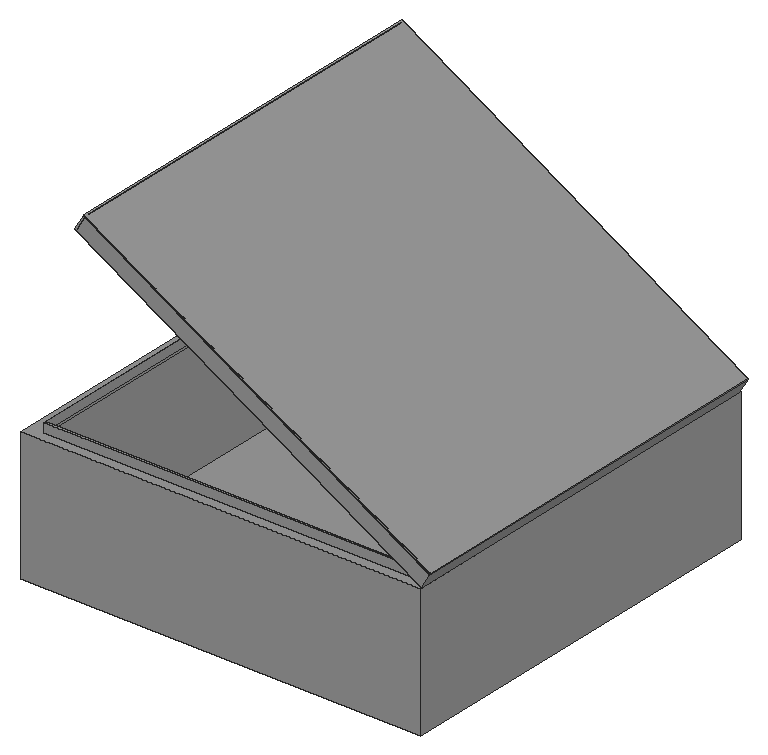
Revit family "Hager-Orion_Inox-IP66-D150-Cl.I-Inox_encl-630A-400mm-CH-de", category Electrical Equipment, host Face, Revit 2020
Family settings
  Host = Face
  Panel Configuration = Two Columns, Circuits Across
  Round Connector Dimension = Use Diameter
  Part Type = Panelboard
  Cut with Voids When Loaded = No
  Shared = No
  Room Calculation Point = No
Parameters (values of type "Aufputz IP66 B400 H400 T150  - FL014BWL")
  Width Control [instance] = if([EF000008 - Breite] > Min Width, [EF000008 - Breite], Min Width)  # 400 mm
  Type Comments = [HG000003 - Bereich]  # "Orion Inox"
  Thickness Door [instance] = if([EF009171 - Materialstärke Tür/Deckel] > 3 mm, 3 mm, [EF009171 - Materialstärke Tür/Deckel])  # 1.5 mm
  Seal Frame Offset [instance] = 17 mm  # constant formula
  Model = ""
  Min Width [instance] = 100 mm  # constant formula
  Min Height [instance] = 100 mm  # constant formula
  Min Depth [instance] = (2 * [EF009170 - Materialstärke Gehäuse]) + 1 mm  # 4 mm
  Internal Frame Depth [instance] = (Door System Depth * 0.5)  # 9 mm
  Height Control [instance] = if([EF000040 - Höhe] > Min Height, [EF000040 - Höhe], Min Height)  # 400 mm
  HG000027 - Sockelhöhe = 0 mm
  HG000026 - Stehend auf dem Boden = no
  HG000024 - Höhe des unteren Teils = 800 mm
  HG000023 - Gehäuse mit doppeltem Querschnitt = no
  HG000016 - 3D-Türsichtbarkeit [instance] = yes
  HG000015 - Sichtbarkeit der Türöffnung [instance] = no
  HG000014 - Tür rechts [instance] = yes
  HG000013 - Tür links [instance] = not([HG000014 - Tür rechts])  # no
  HG000012 - Türschwenkwinkel [instance] = 30.00°
  HG000010 - Asymmetrische Türen = no
  HG000009 - Doppelflügeligen Tür = no
  HG000006 - Unterputz = no
  HG000004 - Herstellerreferenz = "FL014BWL"
  HG000003 - Bereich = "Orion Inox"
  HG000002 - Mit tür = yes
  Frame Offset Bottom [instance] = 10 mm  # constant formula
  Frame Offset [instance] = 15 mm  # constant formula
  EF015940 - Deckel mit Überdruckentlastung = no
  EF011959 - Schutzart (NEMA) = ""
  EF009554 - Anzahl der Öffnungen für Flanschplatten = 0
  Manufacturer = "Hager"  # constant formula
  EF009212 - Ausführung Deckel = "EV009916 - mit Ausschnitt"
  EF009171 - Materialstärke Tür/Deckel = 1.5 mm
  EF009170 - Materialstärke Gehäuse = 1.5 mm
  EF008873 - Nennstrom (In) = 630 A
  EF007800 - Geeignet für Blitzschutz = no
  EF006306 - Mit Schloss = no
  EF006244 - Transparenter Deckel/Tür = no
  EF005474 - Schutzart (IP) = "EV006422 - IP66"
  EF004464 - Art der Tür = "EV002646 - Einzel"
  EF004427 - Anzahl der Module = 0
  EF004293 - Schlagfestigkeit = "EV008784 - IK10"
  EF003532 - Geeignet für Außengebrauch = yes
  EF002950 - Breite in Teilungseinheiten = 0
  EF001613 - Funktionserhalt = ""
  EF001596 - Werkstoff des Gehäuses = "EV000166 - rostfreier Stahl"
  EF001131 - Innentiefe = 116 mm
  EF001088 - Anbaumöglichkeit = yes
  EF000437 - Anzahl der Leitungseinführungen = 0
  EF000339 - Art der Abdeckung = "EV004216 - Tür"
  EF000266 - Anzahl der Reihen = 0
  EF000218 - Einbautiefe = 0 mm
  EF000118 - Mit Montageplatte = no
  EF000116 - RAL-Nummer = ""
  EF000049 - Tiefe = 150 mm
  EF000040 - Höhe = 400 mm
  EF000008 - Breite = 400 mm
  EF000007 - Farbe = "EV000154 - sonstige"
  EF000003 - Montageart = "EV000384 - Aufputz"
  Door System Leaf Tolerance [instance] = 1.5 mm  # constant formula
  Door System Depth [instance] = 18 mm  # constant formula
  Depth Control [instance] = if([EF000049 - Tiefe] > Min Depth, [EF000049 - Tiefe], Min Depth)  # 150 mm
  Default Elevation = 0 mm
Types (4, lengths in mm): name | Width Control | HG000004 - Herstellerreferenz | EF009212 - Ausführung Deckel | EF006306 - Mit Schloss | EF006244 - Transparenter Deckel/Tür | EF004293 - Schlagfestigkeit | EF001613 - Funktionserhalt | EF000008 - Breite
  Aufputz IP66 B300 H400 T150  - FL014TW | 300 | "FL014TW" | "EV000116 - geschlossen" | yes | yes | "EV006814 - IK08" | "EV000494 - ohne" | 300
  Aufputz IP66 B300 H400 T150  - FL014TWL | 300 | "FL014TWL" | "EV000116 - geschlossen" | yes | yes | "EV006814 - IK08" | "EV000494 - ohne" | 300
  Aufputz IP66 B400 H400 T150  - FL014BW | 400 | "FL014BW" | "EV009916 - mit Ausschnitt" | no | no | "EV008784 - IK10" | "" | 400
  Aufputz IP66 B400 H400 T150  - FL014BWL | 400 | "FL014BWL" | "EV009916 - mit Ausschnitt" | no | no | "EV008784 - IK10" | "" | 400
Reference planes
  plane 1 "Center (Front/Back)": y = 0
  plane 2: z = 0
  plane 3 "Center (Left/Right)": x = 0
  plane 4: z = 150
  plane 5: y = 1.5
  plane 6: y = 200
  plane 7: y = 0
  plane 8: y = 400
  plane 9: z = 0
  plane 10: x = -185
  plane 11: x = 185
  plane 12: x = 183.5
  plane 13: x = -183.5
  plane 14: y = 398.5
  plane 15: x = -183
  plane 16: x = -200
  plane 17: x = 183
  plane 18: x = 200
  plane 19: x = 198.5
  plane 20: x = -198.5
  plane 21: y = 11.5
  plane 22: y = 400
  plane 23: y = 383.5
  plane 24: z = 132
  plane 25: z = 1.5
  plane 26: z = 130.5
  plane 27: z = 148.5
Forms (mm)
  Extrusion 1, solid, material "Hager_Stainless_Steel", detail levels medium+fine
    sketch origin (0, 0, 0) x (1, 0, 0) y (0, 1, 0)
      loop
        line (-200, 0) -> (200, 0) -> (200, 400) -> (-200, 400) -> (-200, 0)
    from 0 to 132
  Extrusion 2, solid, material "Hager_Steel_RAL 7035_Light_Grey", not visible, detail levels medium+fine
    sketch origin (0, 28.16, 50.802) x (0, 1, 0) y (0, 0, 1)
      loop
        line (223.34, -50.802) -> (223.34, 87.698)
        arc (223.34, 87.698) -> (220.411, 94.769) -> (213.34, 97.698) r 10
        line (213.34, 97.698) -> (183.34, 97.698) -> (183.34, -50.802) -> (223.34, -50.802)
    from -198.5 to 198.5
  Extrusion 3, void
    sketch origin (0, 0, 0) x (1, 0, 0) y (0, 1, 0)
      loop
        line (-198.5, 1.5) -> (198.5, 1.5) -> (198.5, 398.5) -> (-198.5, 398.5) -> (-198.5, 1.5)
    from 1.5 to 130.5
  Extrusion 4, void
    sketch origin (-381.607, -4572, 132) x (0, -1, 0) y (-1, 0, 0)
      loop
        line (-4583.5, -198.107) -> (-4955.5, -198.107) -> (-4955.5, -565.107) -> (-4583.5, -565.107) -> (-4583.5, -198.107)
    from 0 to 1.5 <- "EF009170 - Materialstärke Gehäuse"
  Extrusion 5, solid, material "Hager_Stainless_Steel", detail levels fine
    sketch origin (-381.607, -4572, 132) x (-1, 0, 0) y (0, -1, 0)
      loop
        line (-198.107, -4583.5) -> (-565.107, -4583.5) -> (-565.107, -4955.5) -> (-198.107, -4955.5) -> (-198.107, -4583.5)
      loop
        line (-197.107, -4582) -> (-566.107, -4582) -> (-566.107, -4957) -> (-197.107, -4957) -> (-197.107, -4582)
    from 0 to 9 <- "Internal Frame Depth"
  Extrusion 6, solid, material "Hager_Stainless_Steel", detail levels coarse
    sketch origin (0, 0, 0) x (1, 0, 0) y (0, 1, 0)
      loop
        line (-200, 0) -> (200, 0) -> (200, 400) -> (-200, 400) -> (-200, 0)
    from 0 to 150
Cuts and joins
  Extrusion 3, Extrusion 4 cuts Extrusion 1
Lines and regions (mm)
  Masking region 1
    outline origin (0, 0, 0) x (1, 0, 0) y (0, 0, 1)
      loop
        line (-200, 150) -> (-200, 0) -> (200, 0) -> (200, 150) -> (-200, 150)
  Masking region 2, detail levels medium+fine
    outline origin (0, 140, 0) x (0, 1, 0) y (0, 0, 1)
      loop
        line (-140, 0) -> (260, 0) -> (260, 132) -> (-140, 132) -> (-140, 0)
  Masking region 3, not visible, detail levels medium+fine
    outline origin (0, 297.922, 0) x (0, 1, 0) y (0, 0, 1)
      loop
        line (-86.422, 0) -> (-46.422, 0) -> (-46.422, 138.5)
        arc (-46.422, 138.5) -> (-49.351, 145.571) -> (-56.422, 148.5) r 10
        line (-56.422, 148.5) -> (-86.422, 148.5) -> (-86.422, 0)
  Masking region 4, detail levels coarse
    outline origin (0, 0, 180) x (0, 1, 0) y (0, 0, 1)
      loop
        line (0, -180) -> (400, -180) -> (400, -30) -> (0, -30) -> (0, -180)
  Masking region 5
    outline origin (-381.607, -4572, 132) x (-1, 0, 0) y (0, -1, 0)
      loop
        line (-181.607, -4972) -> (-181.607, -4572) -> (-581.607, -4572) -> (-581.607, -4972) -> (-181.607, -4972)
Dimensions and locks
  "Depth Control": plane 4 to host face
  "EF009170 - Materialstärke Gehäuse": plane 5 to plane 7
  locked: connector elem to plane 3 "Center (Left/Right)"
  equal spacing: plane 8, plane 6, plane 7
  locked: connector elem to plane 6
  "EF009170 - Materialstärke Gehäuse": plane 8 to plane 14
  "EF009170 - Materialstärke Gehäuse": plane 10 to plane 13
  "EF009170 - Materialstärke Gehäuse": plane 12 to plane 11
  "Frame Offset": plane 20 to plane 13
  "Frame Offset": plane 12 to plane 19
  "EF009170 - Materialstärke Gehäuse": plane 16 to plane 20
  "EF009170 - Materialstärke Gehäuse": plane 19 to plane 18
  "Seal Frame Offset": plane 16 to plane 15
  "Seal Frame Offset": plane 17 to plane 18
  "Frame Offset Bottom": plane 21 to plane 5
  "Frame Offset": plane 14 to plane 23
  equal spacing: plane 16, plane 3 "Center (Left/Right)", plane 18
  "Width Control": plane 16 to plane 18
  "EF009170 - Materialstärke Gehäuse": plane 4 to plane 27
  "EF009170 - Materialstärke Gehäuse": plane 24 to plane 26
  "EF009170 - Materialstärke Gehäuse": plane 25 to level
  "Door System Depth": plane 4 to plane 24
  "Height Control": plane 1 "Center (Front/Back)" to Extrusion 6 sketch curve
  "Height Control": Masking region 4 sketch curve to plane 1 "Center (Front/Back)"
  "Thickness Door": Extrusion 5 sketch curve to plane 15
  "Thickness Door": plane 21 to Extrusion 5 sketch curve
  "Thickness Door": plane 17 to Extrusion 5 sketch curve
  "Thickness Door": Extrusion 5 sketch curve to plane 23
  "Height Control": plane 1 "Center (Front/Back)" to plane 22
  radius of Masking region 3 sketch curve = 10 mm
  radius of Extrusion 2 sketch curve = 10 mm
  aligned and locked: plane 2 to host face
  aligned and locked: level to host face
  aligned and locked: level to Masking region 1 sketch curve
  aligned and locked: Masking region 1 sketch curve to plane 18
  aligned and locked: Masking region 1 sketch curve to plane 16
  aligned and locked: plane 7 to Masking region 2 sketch curve
  aligned and locked: level to Masking region 3 sketch curve
  aligned and locked: Masking region 3 sketch curve to plane 27
  aligned and locked: level to Masking region 2 sketch curve
  aligned and locked: Extrusion 1 sketch curve to plane 7
  aligned and locked: plane 16 to Extrusion 1 sketch curve
  aligned and locked: plane 18 to Extrusion 1 sketch curve
  aligned and locked: Extrusion 2 sketch curve to level
  aligned and locked: plane 27 to Extrusion 2 sketch curve
  aligned and locked: plane 20 to Extrusion 2
  aligned and locked: plane 19 to Extrusion 2
  aligned and locked: plane 20 to Extrusion 3 sketch curve
  aligned and locked: plane 19 to Extrusion 3 sketch curve
  aligned and locked: Extrusion 3 sketch curve to plane 5
  aligned and locked: Extrusion 3 to plane 25
  aligned and locked: plane 26 to Extrusion 3
  aligned and locked: plane 24 to Extrusion 1
  aligned and locked: plane 21 to Extrusion 4 sketch curve
  aligned and locked: Extrusion 4 sketch curve to plane 13
  aligned and locked: Extrusion 4 sketch curve to plane 12
  aligned and locked: plane 18 to Extrusion 6 sketch curve
  aligned and locked: plane 1 "Center (Front/Back)" to Extrusion 6 sketch curve
  aligned and locked: plane 16 to Extrusion 6 sketch curve
  aligned and locked: plane 4 to Extrusion 6
  aligned and locked: Extrusion 6 to level
  aligned and locked: level to Masking region 4 sketch curve
  aligned and locked: Masking region 4 sketch curve to plane 1 "Center (Front/Back)"
  aligned and locked: Masking region 4 sketch curve to plane 4
  aligned and locked: nested 1 to level
  aligned and locked: nested 1 to plane 16
  aligned and locked: plane 8 to Extrusion 1 sketch curve
  aligned and locked: plane 23 to Extrusion 4 sketch curve
  aligned and locked: plane 14 to Extrusion 3 sketch curve
  aligned and locked: Extrusion 5 sketch curve to plane 21
  aligned and locked: plane 13 to Extrusion 5 sketch curve
  aligned and locked: plane 23 to Extrusion 5 sketch curve
  aligned and locked: plane 12 to Extrusion 5 sketch curve
  aligned and locked: Masking region 2 sketch curve to plane 8
  aligned and locked: Masking region 2 sketch curve to plane 24
  aligned and locked: nested 2 to plane 3 "Center (Left/Right)"
  aligned and locked: nested 2 to plane 24
  aligned and locked: Masking region 5 sketch curve to plane 1 "Center (Front/Back)"
  aligned and locked: Masking region 5 sketch curve to plane 18
  aligned and locked: Masking region 5 sketch curve to plane 22
  aligned and locked: Masking region 5 sketch curve to plane 16
  aligned and locked: plane 8 to plane 22
  aligned and locked: plane 7 to plane 1 "Center (Front/Back)"
  aligned and locked: nested 2 to plane 1 "Center (Front/Back)"
Automatic sketch dimensions
  host sketch curve to host sketch curve = 1469.727 mm
  host sketch curve to host sketch curve = 2116.445 mm
  plane 6 to Masking region 3 sketch curve = 11.5 mm
  Masking region 3 sketch curve to Masking region 3 sketch curve = 30 mm
  plane 6 to Extrusion 2 sketch curve = 11.5 mm
  Extrusion 2 sketch curve to Extrusion 2 sketch curve = 30 mm
  Masking region 1 sketch curve to plane 4 = 0 mm
Nested families
  nested 1: "Hager_Enclosure_Symbol" at (-200, 0, 0) x (1, 0, 0) z (0, -1, 0), Height <- "Depth Control", Width <- "Width Control", type "Hager_Enclosure_Symbol"
    with Width_Ctrl 400 mm, Width 400 mm, Height_Ctrl 150 mm, Height 150 mm, A_Width_Int 9.844 mm, A_Width 118.125 mm, A_Height_Ctrl 131.25 mm, A_Height 131.25 mm
  nested 2: "EC000058_OrionInox_Door" at (0, 400, 132) x (1, 0, 0) z (0, -1, 0), Leaf_Tolerance <- "Door System Leaf Tolerance", Angle <- "HG000012 - Türschwenkwinkel", Door_Depth <- "Door System Depth", Door_Left <- "HG000013 - Tür links", Transparent <- "EF006244 - Transparenter Deckel/Tür", Assymetrical <- "HG000010 - Asymmetrische Türen", Width <- "Width Control", Clearance <- "HG000015 - Sichtbarkeit der Türöffnung", Double <- "HG000009 - Doppelflügeligen Tür", 3d_Door <- "HG000016 - 3D-Türsichtbarkeit", Width_Ctrl <- "Width Control", Door_Right <- "HG000014 - Tür rechts", Door <- "HG000002 - Mit tür", Height <- "Height Control", Thickness <- "Thickness Door", type "EC000058_OrionInox_Door", detail levels medium+fine
    with min_wh 4 mm, Width_Ctrl 400 mm, Width 400 mm, Transparent no, Thickness 1.5 mm, Seal_Material Hager_Rubber, Leaf_Width 400 mm, Leaf_Tolerance_External_Sides 0 mm, Leaf_Tolerance 1.5 mm, Leaf_Offset 0 mm, Leaf_Height 397 mm, Leaf_2_Width 400 mm, Leaf_2_Offset 200 mm, Leaf_1_Width 400 mm, Leaf_1_Offset 200 mm, Height_Ctrl 400 mm, Height 400 mm, Glass_Material Hager_Glass, Double_Clearance_Ctrl no, Double no, Door_Right_Ctrl yes, Door_Right yes, Door_Material Hager_Stainless_Steel, Door_Left_Ctrl no, Door_Left no, Door_Depth 18 mm, Door yes, Clearance_Material Hager_Clearance, Clearance_Depth 400 mm, Clearance_Ctrl no, Clearance no, Assymetrical no, Angle 30.00°, 3d_Door yes
Connectors
  electrical at (0, 200, 0)
    settings: on plane 9, index 1, voltage 0 V, apparent load 0 VA, apparent load phase1 0 VA, apparent load phase2 0 VA, apparent load phase3 0 VA, power factor 1, load classification "Other", number of poles 1, system type 30, power factor state 1, is connector primary yes, connector utility no, sub classification motor no, connector description ""
Definition of nested family "EC000058_OrionInox_Door"
  Parameters (values of type "EC000058_OrionInox_Door")
    min_wh [instance] = (2 * Thickness) + 1 mm  # 11 mm
    Width_Ctrl [instance] = 400 mm
    Width [instance] = 500 mm
    Transparent [instance] = yes
    Thickness [instance] = 5 mm
    Seal_Material [instance] = none
    Leaf_Width [instance] = if((Width_Ctrl - 2 * Leaf_Tolerance_External_Sides) > 0 mm, (Width_Ctrl - 2 * Leaf_Tolerance_External_Sides), min_wh)  # 400 mm
    Leaf_Tolerance_External_Sides [instance] = 0 mm  # constant formula
    Leaf_Tolerance [instance] = 1.5 mm
    Leaf_Offset [instance] = 0 mm  # constant formula
    Leaf_Height [instance] = if((Height_Ctrl - 2 * Leaf_Tolerance) > 0 mm, (Height_Ctrl - 2 * Leaf_Tolerance), min_wh)  # 497 mm
    Leaf_2_Width [instance] = if(and(and(Double, Assymetrical), Door_Left), (Leaf_Width / 3) - (Leaf_Tolerance / 2), if(and(and(Double, Assymetrical), Door_Right), (Leaf_Width / 3) * 2 - (Leaf_Tolerance / 2), if(and(Double, not(Assymetrical)), (Leaf_Width / 2) - Leaf_Tolerance, Leaf_Width)))  # 400 mm
    Leaf_2_Offset [instance] = if(and(Double, Assymetrical), Leaf_2_Width / 2, if(and(Double, not(Assymetrical)), Leaf_Width / 4, Leaf_Width / 2))  # 200 mm
    Leaf_1_Width [instance] = if(and(and(Double, Assymetrical), Door_Right), (Leaf_Width / 3) - (Leaf_Tolerance / 2), if(and(and(Double, Assymetrical), Door_Left), (Width / 3) * 2 - (Leaf_Tolerance / 2), if(and(Double, not(Assymetrical)), (Leaf_Width / 2) - Leaf_Tolerance, Leaf_Width)))  # 400 mm
    Leaf_1_Offset [instance] = if(and(Double, Assymetrical), Leaf_1_Width / 2, if(and(Double, not(Assymetrical)), Leaf_Width / 4, Leaf_Width / 2))  # 200 mm
    Height_Ctrl [instance] = if(Height > min_wh, Height, min_wh)  # 500 mm
    Height [instance] = 500 mm
    Glass_Material [instance] = none
    Double_Clearance_Ctrl [instance] = and(Double, Clearance)  # no
    Double [instance] = no
    Door_Right_Ctrl [instance] = and(or(Door_Right, Double), Door)  # yes
    Door_Right [instance] = yes
    Door_Material [instance] = none
    Door_Left_Ctrl [instance] = and(or(Door_Left, Double), Door)  # no
    Door_Left [instance] = no
    Door_Depth [instance] = 30 mm
    Door [instance] = yes
    Default Elevation = 1219.2 mm
    Clearance_Material [instance] = none
    Clearance_Depth [instance] = if(Leaf_1_Width > Leaf_2_Width, Leaf_1_Width, Leaf_2_Width)  # 400 mm
    Clearance_Ctrl [instance] = and(not(Double), Clearance)  # yes
    Clearance [instance] = yes
    Assymetrical [instance] = yes
    Angle [instance] = 30.00°
    3d_Door [instance] = yes
  Reference planes
    plane 1 "Center (Front/Back)": y = 0
    plane 2 "Bottom": z = 0
    plane 3 "Center (Left/Right)": x = 0
    plane 4: z = 500
    plane 5: x = -200
    plane 6: x = 200
    plane 7: z = 500
    plane 8: x = -200
    plane 9: z = 0
    plane 10: x = 200
    plane 11: y = 0
    plane 12: z = 1.5
    plane 13: x = -600
    plane 14: y = -400
    plane 15: x = 600
    plane 16: x = 0
    plane 17: x = 0
    plane 18: x = -200
    plane 19: x = 200
    plane 20: z = 498.5
  Forms (mm)
    Extrusion 1, solid, material <- "Clearance_Material", visible <- "Double_Clearance_Ctrl"
      sketch origin (1200, 0, 0) x (1, 0, 0) y (0, 0, -1)
        loop
          line (-1800, -498.5) -> (-600, -498.5) -> (-600, 0) -> (-1800, 0) -> (-1800, -498.5)
      from 0 to -400
  Dimensions and locks
    equal spacing: plane 5, plane 3 "Center (Left/Right)", plane 6
    "Width_Ctrl": plane 5 to plane 6
    "Leaf_Offset": plane 5 to plane 8
    "Leaf_Offset": plane 6 to plane 10
    "Leaf_Offset": plane 9 to level
    "Leaf_Offset": plane 4 to plane 7
    "Height_Ctrl": plane 4 to level
    "Leaf_Tolerance": plane 12 to plane 9
    locked: plane 11 to plane 1 "Center (Front/Back)"
    "Leaf_1_Offset": plane 18 to plane 16
    "Leaf_2_Offset": plane 17 to plane 19
    "Leaf_1_Width": plane 13 to plane 8
    "Leaf_2_Width": plane 10 to plane 15
    "Clearance_Depth": plane 14 to plane 1 "Center (Front/Back)"
    "Leaf_Tolerance_External_Sides": plane 8 to plane 18
    "Leaf_Tolerance_External_Sides": plane 19 to plane 10
    "Leaf_Tolerance": plane 7 to plane 20
    aligned and locked: level to plane 2 "Bottom"
    aligned and locked: nested 1 to plane 16
    aligned and locked: nested 2 to plane 17
    aligned and locked: Extrusion 1 to plane 13
    aligned and locked: plane 15 to Extrusion 1
    aligned and locked: Extrusion 1 to plane 14
    aligned and locked: plane 12 to nested 1
    aligned and locked: nested 2 to plane 12
    aligned and locked: Extrusion 1 to plane 11
    aligned and locked: plane 20 to Extrusion 1
    aligned and locked: nested 2 to plane 11
    aligned and locked: nested 1 to plane 11
  Automatic sketch dimensions
    Extrusion 1 sketch curve to level = 0 mm
    plane 5 to Extrusion 1 sketch curve = 400 mm
    plane 6 to Extrusion 1 sketch curve = 400 mm
    Extrusion 1 sketch curve to plane 4 = 1.5 mm
  Nested families
    nested 1: "EC000058_OrionInox_Door_Leaf" at (0, 0, 1.5), Width <- "Leaf_1_Width", visible <- "Door_Left_Ctrl", Leaf_Height <- "Leaf_Height", Angle <- "Angle", 3d_Door <- "3d_Door", Transparent <- "Transparent", Clearance Material <- "Clearance_Material", Clearance <- "Clearance_Ctrl", Door_Material <- "Door_Material", Glass_Material <- "Glass_Material", Door_Depth <- "Door_Depth", Seal_Material <- "Seal_Material", Thickness <- "Thickness", type "EC000058_OrionInox_Door_Leaf"
      with Width 400 mm, Transparent_Ctrl yes, Transparent yes, Thickness 5 mm, Standard no, Seal_Material none, Seal_D2 8 mm, Seal_D1 1 mm, Offset_Internal_Frame 10 mm, Lock_Width 28 mm, Lock_Thickness 2 mm, Lock_Radius 6 mm, Leaf_Height 497 mm, Internal_Seal_Thickness 8 mm, Internal_Seal_Depth_2 4.5 mm, Internal_Frame_Depth 25 mm, Glass_Thickness -1 mm, Glass_Offset -2 mm, Glass_Material none, Door_Material none, Door_Depth 30 mm, Clearance Material none, Clearance yes, Angle_Ctrl 30.00°, Angle 30.00°, 3d_Door yes
    nested 2: "EC000058_OrionInox_Door_Leaf" at (0, 0, 1.5) x (-1, 0, 0) z (0, 0, 1), Width <- "Leaf_2_Width", visible <- "Door_Right_Ctrl", Leaf_Height <- "Leaf_Height", Angle <- "Angle", 3d_Door <- "3d_Door", Transparent <- "Transparent", Clearance Material <- "Clearance_Material", Clearance <- "Clearance_Ctrl", Door_Material <- "Door_Material", Glass_Material <- "Glass_Material", Door_Depth <- "Door_Depth", Seal_Material <- "Seal_Material", Thickness <- "Thickness", type "EC000058_OrionInox_Door_Leaf"
      with Width 400 mm, Transparent_Ctrl yes, Transparent yes, Thickness 5 mm, Standard no, Seal_Material none, Seal_D2 8 mm, Seal_D1 1 mm, Offset_Internal_Frame 10 mm, Lock_Width 28 mm, Lock_Thickness 2 mm, Lock_Radius 6 mm, Leaf_Height 497 mm, Internal_Seal_Thickness 8 mm, Internal_Seal_Depth_2 4.5 mm, Internal_Frame_Depth 25 mm, Glass_Thickness -1 mm, Glass_Offset -2 mm, Glass_Material none, Door_Material none, Door_Depth 30 mm, Clearance Material none, Clearance yes, Angle_Ctrl 30.00°, Angle 30.00°, 3d_Door yes
  Definition of nested family "EC000058_OrionInox_Door_Leaf"
    Parameters (values of type "EC000058_OrionInox_Door_Leaf")
      Width [instance] = 450 mm
      Transparent_Ctrl [instance] = and(Transparent, [3d_Door])  # yes
      Transparent [instance] = yes
      Thickness [instance] = 5 mm
      Standard [instance] = and(not(Transparent), [3d_Door])  # no
      Seal_Material [instance] = none
      Seal_D2 [instance] = 8 mm  # constant formula
      Seal_D1 [instance] = 1 mm  # constant formula
      Offset_Internal_Frame [instance] = 10 mm  # constant formula
      Lock_Width [instance] = Door_Depth - Lock_Thickness  # 28 mm
      Lock_Thickness [instance] = 2 mm  # constant formula
      Lock_Radius [instance] = 6 mm  # constant formula
      Leaf_Height [instance] = 450 mm
      Internal_Seal_Thickness [instance] = 8 mm  # constant formula
      Internal_Seal_Depth_2 [instance] = 4.5 mm  # constant formula
      Internal_Frame_Depth [instance] = if(Door_Depth - Thickness > 5 mm, Door_Depth - Thickness, 5 mm)  # 25 mm
      Glass_Thickness [instance] = if(Thickness > 15 mm, Glass_Offset + 10 mm, -1 mm)  # -1 mm
      Glass_Offset [instance] = if(Thickness > 15 mm, -(Thickness + 10 mm) / 2, -2 mm)  # -2 mm
      Glass_Material [instance] = none
      Door_Material [instance] = none
      Door_Depth [instance] = 30 mm
      Default Elevation = 0 mm
      Clearance Material [instance] = none
      Clearance [instance] = yes
      Angle_Ctrl [instance] = if(Angle > 180.00°, 180.00°, Angle)  # 90.00°
      Angle [instance] = 90.00°
      3d_Door [instance] = yes
    Reference planes
      plane 1 "Center (Front/Back)": y = 0
      plane 2: z = 0
      plane 3 "Center (Left/Right)": x = 0
      plane 4: y = 450
      plane 5: x = -225
      plane 6: x = 225
      plane 7: x = -675
      plane 8: z = 450
      plane 9: z = 30
      plane 10: z = 420
      plane 11: x = 195
      plane 12: x = -195
      plane 13: y = -3
      plane 14: z = 107.833
      plane 15: y = -5
      plane 16: y = -223.314
      plane 17: x = -225
      plane 18: y = 30
    Forms (mm)
      Extrusion 1, solid, material <- "Clearance Material", visible <- "Clearance"
        sketch origin (0, 0, 0) x (1, 0, 0) y (0, 0, 1)
          loop
            line (-675, 450) -> (-675, 0) -> (225, 0) -> (225, 450) -> (-675, 450)
        from 0 to -450
      Extrusion 2, solid, material <- "Door_Material", visible <- "Standard", detail levels medium+fine
        sketch origin (-225, 0, 0) x (0, 1, 0) y (-1, 0, 0)
          loop
            line (0, 30) -> (0, 25) -> (450, 25) -> (450, 30) -> (0, 30)
        from 0 to 450 <- "Leaf_Height"
      Extrusion 3, solid, material <- "Door_Material", visible <- "Transparent_Ctrl", detail levels medium+fine
        sketch origin (-225, 0, 0) x (0, 1, 0) y (-1, 0, 0)
          loop
            line (0, 25) -> (450, 25) -> (450, 30) -> (0, 30) -> (0, 25)
        from 0 to 450 <- "Leaf_Height"
      Extrusion 4, void
        sketch origin (-250, 450, 0) x (0, 1, 0) y (0, 0, -1)
          loop
            line (-30, -420) -> (-30, -30) -> (-420, -30) -> (-420, -420) -> (-30, -420)
        from 0 to 5 <- "Thickness"
      Sweep 5, solid, material <- "Seal_Material", visible <- "Transparent_Ctrl", detail levels fine
        path in 3D
          loop
            line (-250, 30, 30) -> (-250, 30, 420) -> (-250, 420, 420) -> (-250, 420, 30) -> (-250, 30, 30)
        profile origin (-250, 225, 30) x (1, 0, 0) y (0, 0, 1)
          loop
            line (0, 0) -> (0, -8) -> (1, -8) -> (1, 0) -> (0, 0)
      Extrusion 6, solid, material <- "Glass_Material", visible <- "Transparent_Ctrl", detail levels medium+fine
        sketch origin (-255, 0, 0) x (0, 1, 0) y (0, 0, -1)
          loop
            line (420, -420) -> (420, -30) -> (30, -30) -> (30, -420) -> (420, -420)
        from -2 <- "Glass_Offset" to -1 <- "Glass_Thickness"
      Extrusion 7, solid, material <- "Door_Material", visible <- "3d_Door", detail levels medium+fine
        sketch origin (-250, 450, 0) x (0, -1, 0) y (0, 0, -1)
          loop
            line (0, -450) -> (450, -450) -> (450, 0) -> (0, 0) -> (0, -450)
          loop
            line (445, -5) -> (5, -5) -> (5, -445) -> (445, -445) -> (445, -5)
        from 0 to 25 <- "Internal_Frame_Depth"
      Sweep 8, solid, material <- "Seal_Material", visible <- "Transparent_Ctrl", detail levels fine
        path in 3D
          loop
            line (-250, 0, 0) -> (-250, 450, 0) -> (-250, 450, 450) -> (-250, 0, 450) -> (-250, 0, 0)
        profile origin (-250, 0, 225) x (1, 0, 0) y (0, 1, 0)
          loop
            line (0, 10) -> (2.975, 10)
            arc (2.975, 10) -> (4.053, 10.447) -> (4.5, 11.525) r 1.525
            line (4.5, 11.525) -> (4.5, 16.527)
            arc (4.5, 16.527) -> (4.069, 17.569) -> (3.027, 18) r 1.473
            line (3.027, 18) -> (0, 18) -> (0, 10)
    Cuts and joins
      Extrusion 4 cuts Extrusion 3
    Lines and regions (mm)
      Masking region 1, detail levels medium+fine
        outline origin (0, 0, 0) x (0, 1, 0) y (0, 0, 1)
          loop
            line (0, 0) -> (30, 0) -> (30, 450) -> (0, 450) -> (0, 0)
      Masking region 2, detail levels medium+fine
        outline origin (0, 0, 0) x (1, 0, 0) y (0, 0, 1)
          loop
            line (-225, 450) -> (-225, 0) -> (225, 0) -> (225, 450) -> (-225, 450)
      symbolic lines
        curve 1: line (225, 0, 0) -> (-675, 0, 0)
        curve 2: arc (225, 0, 0) -> (-225, 450, 0) -> (-675, 0, 0) r 450
        curve 4: line (-255, 0, 0) -> (-255, 450, 0)
      reference lines
        curve 3: line (-225, 0, 0) -> (-225, 450, 0)
      symbolic lines, detail levels medium+fine
        curve 5: line (-255, 450, 0) -> (-250, 450, 0)
        curve 7: line (-250, 0, 0) -> (-255, 0, 0)
        curve 8: line (-250, 0, 0) -> (-225, 0, 0)
        curve 9: line (-225, 0, 0) -> (-225, 450, 0)
        curve 10: line (-225, 450, 0) -> (-250, 450, 0)
      symbolic lines, detail levels fine
        curve 6: line (-250, 450, 0) -> (-250, 0, 0)
      sketch lines
        curve 11: line (-250, 0, 450) -> (-250, 0, 0)
        curve 12: line (-250, 450, 0) -> (-250, 0, 0)
        curve 13: line (-250, 450, 450) -> (-250, 450, 0)
        curve 14: line (-250, 0, 450) -> (-250, 450, 450)
        curve 15: line (-250, 420, 30) -> (-250, 30, 30)
        curve 16: line (-250, 30, 30) -> (-250, 30, 420)
        curve 17: line (-250, 420, 420) -> (-250, 420, 30)
        curve 18: line (-250, 30, 420) -> (-250, 420, 420)
      symbolic lines, visible <- "Transparent", detail levels medium+fine
        curve 19: line (-195, 0, 420) -> (195, 0, 420)
        curve 20: line (-195, 0, 30) -> (-195, 0, 420)
        curve 21: line (195, 0, 30) -> (-195, 0, 30)
        curve 22: line (195, 0, 420) -> (195, 0, 30)
    Dimensions and locks
      "Width": plane 1 "Center (Front/Back)" to plane 4
      equal spacing: plane 5, plane 3 "Center (Left/Right)", plane 6
      "Width": plane 5 to plane 6
      "Width": plane 7 to plane 5
      "Leaf_Height": plane 8 to level
      "Width": curve 5 to curve 3
      "Width": curve 3 to curve 3
      plane 8 to plane 10 = 30 mm
      plane 9 to level = 30 mm
      plane 12 to plane 5 = 30 mm
      plane 6 to plane 11 = 30 mm
      Extrusion 4 sketch curve to Extrusion 3 = 30 mm
      Extrusion 3 to Extrusion 4 sketch curve = 30 mm
      Extrusion 1 to Extrusion 4 sketch curve = 30 mm
      curve 3 to Extrusion 4 sketch curve = 30 mm
      Extrusion 4 sketch curve to cut or joined group of Extrusion 3, Extrusion 4 = 30 mm
      cut or joined group of Extrusion 3, Extrusion 4 to Extrusion 6 sketch curve = 30 mm
      cut or joined group of Extrusion 3, Extrusion 4 to Extrusion 4 sketch curve = 30 mm
      "Thickness": curve 6 to curve 4
      "Thickness": Extrusion 7 sketch curve to Extrusion 7 sketch curve  (x4)
      "Door_Depth": curve 4 to curve 3
      "Offset_Internal_Frame": profile plane to Sweep 8 sketch curve
      "Internal_Seal_Thickness": Sweep 8 sketch curve to Sweep 8 sketch curve
      "Internal_Seal_Depth_2": profile plane to Sweep 8 sketch curve
      "Seal_D1": profile plane to Sweep 5 sketch curve
      "Seal_D2": profile plane to Sweep 5 sketch curve
      "Thickness": Extrusion 2 sketch curve to Extrusion 2 sketch curve
      "Door_Depth": plane 18 to plane 1 "Center (Front/Back)"
      radius of Sweep 8 sketch curve = 1.525 mm
      radius of Sweep 8 sketch curve = 1.473 mm
      "Angle_Ctrl": angle plane 1 "Center (Front/Back)" to curve 3
      aligned and locked: level to plane 2
      aligned and locked: Extrusion 1 to curve 1
      aligned and locked: plane 6 to Extrusion 1
      aligned and locked: plane 1 "Center (Front/Back)" to Extrusion 1
      aligned and locked: plane 4 to Extrusion 1
      aligned and locked: plane 8 to Extrusion 1
      aligned and locked: curve 7 to Extrusion 2 sketch curve
      aligned and locked: curve 5 to Extrusion 2 sketch curve
      aligned and locked: curve 7 to Extrusion 3 sketch curve
      aligned and locked: Extrusion 3 sketch curve to curve 4
      aligned and locked: Extrusion 3 sketch curve to curve 6
      aligned and locked: Extrusion 3 sketch curve to curve 5
      aligned and locked: curve 9 to curve 3
      aligned and locked: Extrusion 7 sketch curve to cut or joined group of Extrusion 3, Extrusion 4  (x4)
      aligned and locked: plane 17 to curve 3
      aligned and locked: plane 1 "Center (Front/Back)" to curve 3
      aligned and locked: plane 17 to plane 5
      aligned and locked: Sweep 8 sketch curve to profile plane
      aligned and locked: Sweep 5 sketch curve to profile plane  (x2)
      aligned and locked: plane 1 "Center (Front/Back)" to Masking region 1 sketch curve
      aligned and locked: plane 18 to Masking region 1 sketch curve
      aligned and locked: level to Masking region 1 sketch curve
      aligned and locked: Masking region 1 sketch curve to plane 8
      aligned and locked: plane 17 to Masking region 2 sketch curve
      aligned and locked: level to Masking region 2 sketch curve
      aligned and locked: Masking region 2 sketch curve to plane 8
      aligned and locked: plane 12 to curve 20
      aligned and locked: plane 10 to curve 19
      aligned and locked: plane 11 to curve 22
      aligned and locked: plane 9 to curve 21
      aligned and locked: Extrusion 2 sketch curve to cut or joined group of Extrusion 3, Extrusion 4
    Automatic sketch dimensions
      plane 1 "Center (Front/Back)" to curve 2 = 0 mm
      curve 2 to plane 5 = 0 mm
      Extrusion 1 sketch curve to level = 0 mm
      Extrusion 1 sketch curve to plane 7 = 0 mm
      Extrusion 1 sketch curve to plane 6 = 0 mm
      Extrusion 1 sketch curve to plane 8 = 0 mm
      Extrusion 3 to Extrusion 6 sketch curve = 30 mm  (x4)
      Masking region 2 sketch curve to plane 6 = 0 mm
      curve 4 to curve 3 = 0 mm
Definition of nested family "Hager_Enclosure_Symbol"
  Parameters (values of type "Hager_Enclosure_Symbol")
    Width_Ctrl [instance] = if(Width > 1 mm, Width, 1 mm)  # 102.27 mm
    Width [instance] = 102.27 mm
    Height_Ctrl [instance] = if(Height > 1 mm, Height, 1 mm)  # 66.5 mm
    A_Width_Int [instance] = if(A_Width / 12 > 2 mm, A_Width / 12, 2 mm)  # 4.364 mm
    A_Width [instance] = if(A_Height_Ctrl * 0.9 > 2 mm, A_Height_Ctrl * 0.9, 2 mm)  # 52.369 mm
    A_Height_Ctrl [instance] = if(A_Height > 2 mm, A_Height, 2 mm)  # 58.188 mm
    Height [instance] = 66.5 mm
    A_Height [instance] = Height - (Height / 8)  # 58.188 mm
  Reference planes
    plane 1 "Centre (avant/arrière)": y = 0
    plane 2: z = 0
    plane 3 "Centre (gauche/droite)": x = 0
    plane 4: x = 52.369
    plane 5: y = 33.042
    plane 6: y = 41.77
    plane 7: y = 66.5
    plane 8: x = 26.184
    plane 9: y = 37.406
    plane 10: x = 102.27
    plane 11: y = 66.5
    plane 12: y = 8.313
  Lines and regions (mm)
    Filled region 1, type "Solid_Black", in view "Niveau de réf."
      outline origin (0, 0, 0) x (1, 0, 0) y (0, 1, 0)
        loop
          line (52.369, 66.5) -> (33.188, 54.536) -> (45.365, 45.006) -> (52.369, 66.5)
    Filled region 2, type "Solid_Black", in view "Niveau de réf."
      outline origin (0, 0, 0) x (1, 0, 0) y (0, 1, 0)
        loop
          line (0, 0) -> (102.27, 0) -> (102.27, 66.5) -> (0, 0)
    detail lines, in view "Niveau de réf."
      curve 1: line (0, 8.313, 0) -> (26.184, 41.77, 0)
      curve 2: line (26.184, 41.77, 0) -> (26.184, 33.042, 0)
      curve 3: line (26.184, 33.042, 0) -> (52.369, 66.5, 0)
  Dimensions and locks
    "A_Width": plane 3 "Centre (gauche/droite)" to plane 4
    equal spacing: plane 3 "Centre (gauche/droite)", plane 8, plane 4
    equal spacing: plane 6, plane 9, plane 5
    equal spacing: curve 3, Filled region 1 sketch curve, Filled region 1 sketch curve
    "Height_Ctrl": plane 1 "Centre (avant/arrière)" to plane 11
    "A_Height_Ctrl": plane 11 to plane 12
    equal spacing: plane 11, plane 9, plane 12
    "A_Width_Int": plane 6 to plane 9
    "Width_Ctrl": plane 3 "Centre (gauche/droite)" to plane 10
    angle Filled region 1 sketch curve to curve 3 = 20.00°
    angle curve 3 to Filled region 1 sketch curve = 20.00°
    locked: curve 3 to Filled region 1 sketch curve (angle 90.00°)
    aligned and locked: plane 10 to Filled region 2
    aligned and locked: plane 11 to Filled region 2 sketch curve
    aligned and locked: plane 10 to Filled region 2 sketch curve
    aligned and locked: plane 3 "Centre (gauche/droite)" to curve 1
    aligned and locked: plane 12 to curve 1
    aligned and locked: plane 7 to plane 11
  Automatic sketch dimensions
    Filled region 1 sketch curve to plane 4 = 0 mm
    Filled region 1 sketch curve to plane 7 = 0 mm
    plane 1 "Centre (avant/arrière)" to Filled region 2 sketch curve = 0 mm
    Filled region 2 sketch curve to plane 3 "Centre (gauche/droite)" = 0 mm
    curve 2 to plane 6 = 0 mm
    curve 2 to plane 8 = 0 mm
    curve 3 to plane 4 = 0 mm
    curve 2 to plane 5 = 0 mm
    curve 3 to plane 7 = 0 mm
